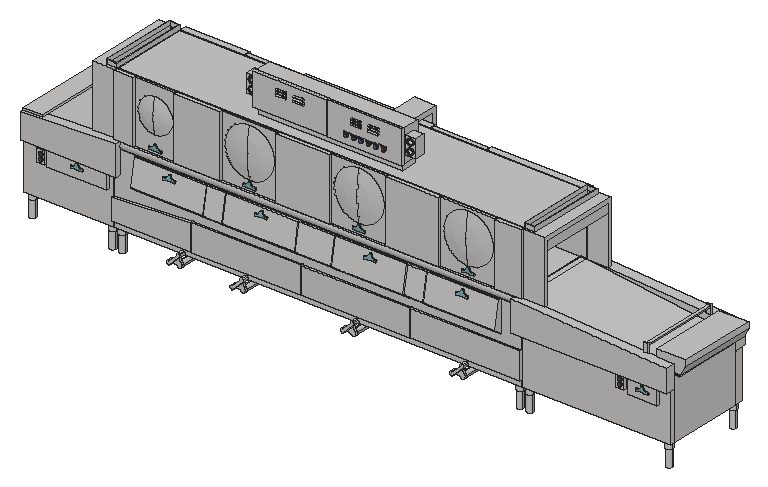
Revit family (continued)
Automatic sketch dimensions
  plane 16 to Extrusion 42 sketch curve = 0' - 0 5/8"
  Extrusion 43 sketch curve to plane 13 "Middle of Machine" = 0' - 0"
  plane 16 to Extrusion 43 sketch curve = 0' - 0 5/8"
  Extrusion 44 sketch curve to plane 11 "Table Height" = 0' - 0 1/8"
  Extrusion 45 sketch curve to plane 11 "Table Height" = 0' - 1 1/2"
  Extrusion 45 sketch curve to plane 11 "Table Height" = 0' - 0 1/8"
  Extrusion 46 sketch curve to plane 56 = 0' - 0"
  Extrusion 46 sketch curve to plane 11 "Table Height" = 0' - 2"
  Extrusion 47 sketch curve to plane 3 "LEFT" = 0' - 0"
  Extrusion 47 sketch curve to plane 55 = 0' - 0"
  Extrusion 47 sketch curve to plane 11 "Table Height" = 0' - 0"
  plane 16 to Extrusion 48 sketch curve = 0' - 0 5/8"
  plane 16 to Extrusion 48 sketch curve = 0' - 1.01335"
  Extrusion 48 sketch curve to Extrusion 48 sketch curve = 0' - 0.75088"
  Extrusion 48 sketch curve to plane 13 "Middle of Machine" = 0' - 0.73577"
  Extrusion 51 sketch curve to plane 57 = 0' - 0"
  Extrusion 51 sketch curve to plane 58 = 0' - 0"
  Extrusion 51 sketch curve to plane 59 = 0' - 0"
  Extrusion 51 sketch curve to plane 56 = 0' - 0"
  Extrusion 52 sketch curve to Extrusion 52 sketch curve = 0' - 0.25142"  (x2)
  Extrusion 52 sketch curve to Extrusion 52 sketch curve = 0' - 0.25483"  (x2)
  Extrusion 52 sketch curve to plane 56 = 0' - 0.46498"  (x2)
  Extrusion 52 sketch curve to Extrusion 52 sketch curve = 0' - 0.30345"
  plane 18 to Extrusion 52 sketch curve = 0' - 0.59419"  (x2)
  Extrusion 52 sketch curve to Extrusion 52 sketch curve = 0' - 1.63184"
  Extrusion 52 sketch curve to Extrusion 52 sketch curve = 0' - 1.52338"
  Extrusion 52 sketch curve to Extrusion 52 sketch curve = 0' - 0.41934"
  plane 20 to Extrusion 52 sketch curve = 0' - 1.60977"
  Extrusion 52 sketch curve to plane 101 "Cold Water" = 0' - 4.12535"
  Extrusion 52 sketch curve to Extrusion 52 sketch curve = 0' - 0.42496"
  Extrusion 52 sketch curve to Extrusion 52 sketch curve = 0' - 0"
  Extrusion 52 sketch curve to Extrusion 52 sketch curve = 0' - 1.51845"
  plane 18 to Extrusion 52 sketch curve = 0' - 0.51096"  (x2)
  Extrusion 52 sketch curve to Extrusion 52 sketch curve = 0' - 0.48493"
  Extrusion 53 sketch curve to plane 19 = 0' - 0"
  Extrusion 53 sketch curve to plane 56 = 0' - 0 3/4"
  plane 18 to Extrusion 54 sketch curve = 0' - 1 1/4"
  Extrusion 55 sketch curve to plane 18 = 0' - 0 3/4"
  Extrusion 56 sketch curve to plane 13 "Middle of Machine" = 0' - 0"
  plane 17 to Extrusion 56 sketch curve = 0' - 0 1/4"
  Extrusion 57 sketch curve to plane 13 "Middle of Machine" = 0' - 0"
  plane 17 to Extrusion 57 sketch curve = 0' - 0 1/4"
  plane 11 "Table Height" to Extrusion 58 sketch curve = 0' - 0 1/8"
  plane 11 "Table Height" to Extrusion 59 sketch curve = 0' - 1 1/2"
  plane 11 "Table Height" to Extrusion 59 sketch curve = 0' - 0 1/8"
  Extrusion 60 sketch curve to plane 4 "RIGHT" = 0' - 0"
  Extrusion 60 sketch curve to plane 11 "Table Height" = 0' - 0"
  Extrusion 63 sketch curve to plane 16 = 0' - 0"
  plane 64 to Extrusion 63 sketch curve = 0' - 0 1/2"
  plane 11 "Table Height" to Extrusion 63 sketch curve = 0' - 0 1/2"
  Extrusion 64 sketch curve to plane 16 = 0' - 0.1125"
  Extrusion 64 sketch curve to plane 16 = 0' - 0.0375"
  plane 13 "Middle of Machine" to Extrusion 64 sketch curve = 0' - 0 7/8"
  Extrusion 65 sketch curve to plane 16 = 0' - 0.1125"
  Extrusion 65 sketch curve to plane 16 = 0' - 0.0375"
  plane 13 "Middle of Machine" to Extrusion 65 sketch curve = 0' - 0 7/8"
  Extrusion 66 sketch curve to plane 67 = 0' - 0"
  plane 13 "Middle of Machine" to Extrusion 66 sketch curve = 0' - 0 1/8"
  Extrusion 68 sketch curve to Extrusion 68 sketch curve = 0' - 0.25142"  (x2)
  Extrusion 68 sketch curve to Extrusion 68 sketch curve = 0' - 0.25483"  (x2)
  Extrusion 68 sketch curve to plane 66 = 0' - 1.55729"
  plane 18 to Extrusion 68 sketch curve = 0' - 0.09419"  (x2)
  plane 67 to Extrusion 68 sketch curve = 0' - 1.11091"
  plane 67 to Extrusion 68 sketch curve = 0' - 0.91934"
  Extrusion 68 sketch curve to Extrusion 68 sketch curve = 0' - 0.41934"
  plane 67 to Extrusion 68 sketch curve = 0' - 0.49965"
  plane 67 to Extrusion 68 sketch curve = 0' - 0.07504"
  Extrusion 68 sketch curve to Extrusion 68 sketch curve = 0' - 0"
  Extrusion 68 sketch curve to plane 67 = 0' - 1.44342"
  plane 18 to Extrusion 68 sketch curve = 0' - 0.01096"  (x2)
  plane 20 to Extrusion 68 sketch curve = 0' - 1.10977"
  Extrusion 68 sketch curve to Extrusion 68 sketch curve = 0' - 0.48493"  (x2)
  Extrusion 68 sketch curve to plane 56 = 0' - 1.43719"
  Extrusion 70 sketch curve to plane 56 = 0' - 1 1/2"
  Extrusion 71 sketch curve to plane 18 = 0' - 0"
  plane 88 to Extrusion 98 sketch curve = 0' - 0"
  curve 112 to plane 118 = 0' - 0.65601"
  curve 112 to plane 102 "Utility to Machine" = 0' - 1.57591"
  plane 144 to curve 111 = 0' - 0.73765"
  curve 111 to plane 102 "Utility to Machine" = 0' - 2.79145"
  curve 111 to plane 118 = 0' - 0.65601"
  curve 112 to curve 111 = 0' - 2.43107"
  curve 110 to plane 111 = 0' - 1.01235"
  Extrusion 130 sketch curve to Extrusion 130 sketch curve = 0' - 0"  (x2)
  Extrusion 130 sketch curve to plane 96 "Drain" = 0' - 0"
  Extrusion 130 sketch curve to plane 99 "Drain CL" = 0' - 0"
  Sweep 133 sketch curve to plane 102 "Utility to Machine" = 0' - 0"
  Sweep 133 sketch curve to plane 100 "Utilities" = 0' - 0"
  Sweep 133 sketch curve to plane 103 "Utilities Point of Connection" = 0' - 0"
  Sweep 133 sketch curve to plane 12 "Bottom of Machine" = 0' - 0"
  plane 96 "Drain" to Sweep 133 sketch curve = 0' - 0 1/2"
  Sweep 133 sketch curve to Sweep 133 sketch curve = 0' - 0"  (x2)
  Sweep 133 sketch curve to plane 101 "Cold Water" = 0' - 0"
  profile plane to Sweep 133 sketch curve = 0' - 0"
  Sweep 134 sketch curve to plane 102 "Utility to Machine" = 0' - 0"
  Sweep 134 sketch curve to plane 100 "Utilities" = 0' - 0"
  Sweep 134 sketch curve to plane 103 "Utilities Point of Connection" = 0' - 0"
  Sweep 134 sketch curve to plane 12 "Bottom of Machine" = 0' - 0"
  plane 96 "Drain" to Sweep 134 sketch curve = 0' - 0 1/2"
  Sweep 134 sketch curve to Sweep 134 sketch curve = 0' - 0"  (x2)
  Sweep 134 sketch curve to plane 104 "Building Hot Water" = 0' - 0"
  profile plane to Sweep 134 sketch curve = 0' - 0"
  plane 5 "FRONT" to curve 39 = 0' - 0"
  plane 5 "FRONT" to curve 45 = 0' - 0"
  plane 5 "FRONT" to curve 37 = 0' - 0"
  plane 5 "FRONT" to curve 153 = 0' - 0"
  plane 5 "FRONT" to curve 47 = 0' - 0"
  plane 5 "FRONT" to curve 41 = 0' - 0"
  plane 5 "FRONT" to curve 155 = 0' - 0"
  curve 3 to plane 62 = 0' - 0"
  curve 7 to plane 51 = 0' - 0"
  curve 7 to plane 14 "Left of Bottom" = 0' - 0"
  curve 24 to plane 15 "Right of Bottom" = 0' - 0"
  curve 122 to plane 124 = 0' - 0"
  curve 138 to plane 135 = 0' - 0"
  curve 119 to plane 125 = 0' - 0"
  curve 71 to plane 107 = 0' - 0"
  curve 74 to plane 113 = 0' - 0"
  curve 77 to plane 112 = 0' - 0"
  curve 141 to plane 134 = 0' - 0"
  curve 11 to plane 54 = 0' - 0"
  plane 22 "Front of Main Body" to curve 114 = 0' - 0"
  curve 146 to plane 129 = 0' - 0"
  curve 81 to plane 109 = 0' - 0"
  curve 125 to plane 121 = 0' - 0"
  curve 82 to plane 110 = 0' - 0"
  curve 16 to plane 8 "Load Vent" = 0' - 0"
  curve 83 to plane 28 = 0' - 0"
  curve 85 to plane 29 = 0' - 0"
  curve 17 to plane 3 "LEFT" = 0' - 0"
  curve 124 to plane 118 = 0' - 0"
  curve 143 to plane 131 = 0' - 0"
  curve 143 to plane 128 = 0' - 0"
  curve 146 to plane 132 = 0' - 0"
  curve 128 to plane 119 = 0' - 0"
  curve 127 to plane 122 = 0' - 0"
  curve 50 to plane 26 = 0' - 0"
  curve 51 to plane 27 = 0' - 0"
  curve 26 to plane 9 "Unload Vent" = 0' - 0"
  curve 27 to plane 4 "RIGHT" = 0' - 0"
  plane 30 "Front of Inside" to curve 31 = 0' - 0"
  plane 30 "Front of Inside" to curve 98 = 0' - 0"
  plane 30 "Front of Inside" to curve 106 = 0' - 0"
  plane 30 "Front of Inside" to curve 108 = 0' - 0"
  plane 30 "Front of Inside" to curve 101 = 0' - 0"
  plane 30 "Front of Inside" to curve 19 = 0' - 0"
  curve 56 to plane 83 = 0' - 0"
  plane 89 "Front of Panel" to curve 56 = 0' - 0"
  plane 88 to curve 58 = 0' - 0"
  curve 64 to plane 85 = 0' - 0"
  plane 94 "Front of LR Panels" to curve 64 = 0' - 0"
  curve 67 to plane 86 = 0' - 0"
  plane 94 "Front of LR Panels" to curve 67 = 0' - 0"
  plane 95 to curve 64 = 0' - 0"
  plane 95 to curve 66 = 0' - 0"
  plane 87 "Back of Elec Box" to curve 61 = 0' - 0"
  plane 31 "Back of Inside" to curve 32 = 0' - 0"
  plane 31 "Back of Inside" to curve 19 = 0' - 0"
  plane 31 "Back of Inside" to curve 108 = 0' - 0"
  plane 31 "Back of Inside" to curve 105 = 0' - 0"
  plane 31 "Back of Inside" to curve 104 = 0' - 0"
  plane 31 "Back of Inside" to curve 13 = 0' - 0"
  curve 21 to plane 32 = 0' - 0"
  curve 159 to plane 143 = 0' - 0"
  curve 159 to plane 145 = 0' - 0"
  curve 23 to plane 33 = 0' - 0"
  plane 21 "Back of Main Body" to curve 28 = 0' - 0"
  plane 21 "Back of Main Body" to curve 23 = 0' - 0"
  curve 4 to plane 15 "Right of Bottom" = 0' - 0"
  curve 90 to plane 14 "Left of Bottom" = 0' - 0"
  plane 1 "BACK" to curve 162 = 0' - 0"
  curve 101 to plane 65 = 0' - 0"
  curve 106 to plane 64 = 0' - 0"
  curve 103 to plane 66 = 0' - 0"
  curve 30 to plane 49 = 0' - 0"
  curve 151 to plane 132 = 0' - 0"
  curve 149 to plane 131 = 0' - 0"
  curve 157 to plane 140 = 0' - 0"
  curve 152 to plane 141 = 0' - 0"
  curve 154 to plane 139 = 0' - 0"
  curve 56 to plane 84 = 0' - 0"
  curve 62 to plane 93 "Right of Control Box" = 0' - 0"
  curve 132 to plane 122 = 0' - 0"
  curve 130 to plane 121 = 0' - 0"
  curve 39 to plane 40 = 0' - 0"
  curve 41 to plane 37 = 0' - 0"
  curve 89 to plane 110 = 0' - 0"
  curve 87 to plane 109 = 0' - 0"
  curve 60 to plane 92 = 0' - 0"
  curve 43 to plane 36 = 0' - 0"
  curve 45 to plane 39 = 0' - 0"
  curve 45 to plane 38 = 0' - 0"
  curve 47 to plane 35 = 0' - 0"
  curve 79 to plane 27 = 0' - 0"
  curve 49 to plane 34 = 0' - 0"
  curve 19 to plane 48 = 0' - 0"
  curve 108 to plane 52 = 0' - 0"
  curve 3 to plane 5 "FRONT" = 0' - 1"
  curve 7 to plane 5 "FRONT" = 0' - 1"
  plane 22 "Front of Main Body" to curve 122 = 0' - 1 1/8"
  plane 135 to curve 138 = 0' - 0 3/8"
  curve 138 to curve 137 = 0' - 1 1/8"
  curve 119 to plane 125 = 0' - 0 3/8"
  curve 119 to curve 117 = 0' - 1 1/8"
  plane 107 to curve 69 = 0' - 0 3/8"
  curve 69 to curve 69 = 0' - 1 1/8"
  curve 72 to plane 74 = 0' - 0 1/16"
  curve 72 to curve 72 = 0' - 1 1/8"
  curve 75 to plane 112 = 0' - 0 3/8"
  curve 75 to curve 75 = 0' - 1 1/8"
  curve 139 to plane 134 = 0' - 0 3/8"
  curve 139 to curve 139 = 0' - 1 1/8"
  plane 22 "Front of Main Body" to curve 10 = 0' - 0 7/8"
  curve 38 to plane 22 "Front of Main Body" = 0' - 0.06488"
  curve 146 to plane 22 "Front of Main Body" = 0' - 0 3/4"
  curve 81 to plane 22 "Front of Main Body" = 0' - 0 3/4"
  curve 125 to plane 22 "Front of Main Body" = 0' - 0 3/4"
  curve 16 to plane 22 "Front of Main Body" = 0' - 0 3/4"
  curve 50 to plane 22 "Front of Main Body" = 0' - 0 3/4"
  curve 26 to plane 22 "Front of Main Body" = 0' - 0 3/4"
  curve 92 to curve 91 = 0' - 0 1/2"
  curve 95 to plane 31 "Back of Inside" = 0' - 0 1/2"
  curve 15 to plane 31 "Back of Inside" = 0' - 1"
  curve 33 to plane 31 "Back of Inside" = 0' - 1"
  curve 21 to curve 21 = 0' - 1"
  curve 159 to curve 160 = 0' - 1"
  plane 21 "Back of Main Body" to curve 11 = 0' - 0 3/8"
  curve 113 to curve 3 = 0' - 1 1/2"
  curve 2 to curve 6 = 0' - 1 1/2"
  plane 67 to curve 95 = 0' - 0 3/4"
  plane 67 to curve 92 = 0' - 0 3/4"
  curve 93 to curve 94 = 0' - 0 1/4"
  curve 98 to plane 67 = 0' - 0 1/2"
  curve 98 to curve 91 = 0' - 0 1/4"
  curve 98 to curve 96 = 0' - 0 1/4"
  plane 124 to curve 121 = 0' - 0 3/8"
  plane 122 to curve 162 = 0' - 0 7/16"
  plane 136 to curve 2 = 0' - 0 1/8"
  Extrusion 182 sketch curve to plane 22 "Front of Main Body" = 0' - 0 3/4"
  Extrusion 183 sketch curve to plane 22 "Front of Main Body" = 0' - 0 3/4"
  Extrusion 184 sketch curve to plane 22 "Front of Main Body" = 0' - 0 3/4"
  Extrusion 185 sketch curve to plane 28 = 0' - 0"
  plane 22 "Front of Main Body" to Extrusion 185 sketch curve = 0' - 0 1/4"
  Extrusion 186 sketch curve to plane 28 = 0' - 0"
  plane 22 "Front of Main Body" to Extrusion 186 sketch curve = 0' - 0 1/4"
  Sweep 187 sketch curve to plane 22 "Front of Main Body" = 0' - 0"  (x2)
  plane 22 "Front of Main Body" to Sweep 187 sketch curve = 0' - 0 5/8"  (x2)
  Sweep 187 sketch curve to Sweep 187 sketch curve = 0' - 0 1/2"
  plane 13 "Middle of Machine" to Sweep 187 sketch curve = 0' - 7 3/16"
  Sweep 187 sketch curve to plane 45 = 0' - 3 11/16"
  Sweep 187 sketch curve to plane 113 = 0' - 0"
  Sweep 187 sketch curve to profile plane = 0' - 0"
  Extrusion 188 sketch curve to plane 29 = 0' - 0"
  plane 22 "Front of Main Body" to Extrusion 188 sketch curve = 0' - 0 1/4"
  Extrusion 189 sketch curve to plane 29 = 0' - 0"
  plane 22 "Front of Main Body" to Extrusion 189 sketch curve = 0' - 0 1/4"
  Extrusion 190 sketch curve to plane 26 = 0' - 0"
  plane 22 "Front of Main Body" to Extrusion 190 sketch curve = 0' - 0 1/4"
  Extrusion 191 sketch curve to plane 26 = 0' - 0"
  plane 22 "Front of Main Body" to Extrusion 191 sketch curve = 0' - 0 1/4"
  Sweep 192 sketch curve to plane 22 "Front of Main Body" = 0' - 0"  (x2)
  plane 22 "Front of Main Body" to Sweep 192 sketch curve = 0' - 0 5/8"  (x2)
  Sweep 192 sketch curve to Sweep 192 sketch curve = 0' - 0 1/2"
  plane 13 "Middle of Machine" to Sweep 192 sketch curve = 0' - 7 3/16"
  Sweep 192 sketch curve to plane 45 = 0' - 3 11/16"
  Sweep 192 sketch curve to plane 107 = 0' - 0"
  Sweep 192 sketch curve to profile plane = 0' - 0"
  Sweep 193 sketch curve to plane 22 "Front of Main Body" = 0' - 0"  (x2)
  plane 22 "Front of Main Body" to Sweep 193 sketch curve = 0' - 0 5/8"  (x2)
  Sweep 193 sketch curve to Sweep 193 sketch curve = 0' - 0 1/2"
  plane 13 "Middle of Machine" to Sweep 193 sketch curve = 0' - 7 3/16"
  Sweep 193 sketch curve to plane 45 = 0' - 3 11/16"
  Sweep 193 sketch curve to plane 112 = 0' - 0"
  Sweep 193 sketch curve to profile plane = 0' - 0"
  Extrusion 194 sketch curve to plane 22 "Front of Main Body" = 0' - 0 3/4"
  Extrusion 195 sketch curve to plane 22 "Front of Main Body" = 0' - 0 3/4"
  Sweep 196 sketch curve to plane 102 "Utility to Machine" = 0' - 0"
  Sweep 196 sketch curve to plane 100 "Utilities" = 0' - 0"
  Sweep 196 sketch curve to plane 103 "Utilities Point of Connection" = 0' - 0"
  Sweep 196 sketch curve to plane 12 "Bottom of Machine" = 0' - 0"
  plane 96 "Drain" to Sweep 196 sketch curve = 0' - 0 1/2"
  plane 30 "Front of Inside" to Extrusion 197 sketch curve = 0' - 0"
  Extrusion 197 sketch curve to plane 22 "Front of Main Body" = 0' - 0 3/4"
  plane 5 "FRONT" to Revolve 198 sketch curve = 0' - 8"
  plane 22 "Front of Main Body" to Revolve 198 sketch curve = 0' - 0 1/4"
  Revolve 198 sketch curve to plane 22 "Front of Main Body" = 0' - 0 3/4"
  plane 95 to Revolve 198 sketch curve = 0' - 1 1/4"
  Revolve 198 sketch curve to plane 1 "BACK" = 0' - 8.74935"
  Revolve 198 sketch curve to plane 45 = 0' - 5.75174"  (x2)
  Revolve 198 sketch curve to plane 45 = 0' - 5.50167"
  Extrusion 199 sketch curve to plane 116 = 0' - 0"
  plane 116 to Extrusion 199 sketch curve = 0' - 0.00035"
  plane 122 to Extrusion 199 sketch curve = 0' - 0.35719"
  plane 122 to Extrusion 199 sketch curve = 0' - 0.54876"
  plane 124 to Extrusion 199 sketch curve = 0' - 0.50556"
  Extrusion 199 sketch curve to plane 145 = 0' - 0.5069"
  Extrusion 199 sketch curve to plane 145 = 0' - 0.50349"
  Extrusion 199 sketch curve to Extrusion 199 sketch curve = 0' - 0.25142"  (x2)
  Extrusion 199 sketch curve to plane 121 = 0' - 0.36211"
  Extrusion 199 sketch curve to Extrusion 199 sketch curve = 0' - 0"
  Extrusion 199 sketch curve to plane 121 = 0' - 0.54876"
  Extrusion 199 sketch curve to plane 125 = 0' - 0.50556"
  Extrusion 199 sketch curve to plane 125 = 0' - 0.8056"
  Extrusion 199 sketch curve to Extrusion 199 sketch curve = 0' - 0.00341"
  plane 55 to Extrusion 199 sketch curve = 0' - 1.17016"
  plane 13 "Middle of Machine" to Extrusion 199 sketch curve = 0' - 0.94635"  (x2)
  plane 13 "Middle of Machine" to Extrusion 199 sketch curve = 0' - 1.02958"
  Extrusion 199 sketch curve to Extrusion 199 sketch curve = 0' - 0.48493"  (x2)
  Extrusion 199 sketch curve to Extrusion 199 sketch curve = 0' - 1.96861"
  plane 22 "Front of Main Body" to Extrusion 200 sketch curve = 0' - 0"
  Extrusion 200 sketch curve to plane 22 "Front of Main Body" = 0' - 0 3/4"
  plane 22 "Front of Main Body" to Extrusion 201 sketch curve = 0' - 0"
  Extrusion 201 sketch curve to plane 22 "Front of Main Body" = 0' - 0 3/4"
  Extrusion 202 sketch curve to plane 118 = 0' - 0"
  plane 22 "Front of Main Body" to Extrusion 202 sketch curve = 0' - 0 1/4"
  Extrusion 203 sketch curve to plane 118 = 0' - 0"
  plane 22 "Front of Main Body" to Extrusion 203 sketch curve = 0' - 0 1/4"
  Extrusion 204 sketch curve to plane 119 = 0' - 0"
  plane 22 "Front of Main Body" to Extrusion 204 sketch curve = 0' - 0 1/4"
  Extrusion 205 sketch curve to plane 119 = 0' - 0"
  plane 22 "Front of Main Body" to Extrusion 205 sketch curve = 0' - 0 1/4"
  Sweep 206 sketch curve to plane 22 "Front of Main Body" = 0' - 0"  (x2)
  plane 22 "Front of Main Body" to Sweep 206 sketch curve = 0' - 0 5/8"  (x2)
  Sweep 206 sketch curve to Sweep 206 sketch curve = 0' - 0 1/2"
  plane 13 "Middle of Machine" to Sweep 206 sketch curve = 0' - 7 3/16"
  Sweep 206 sketch curve to plane 45 = 0' - 3 11/16"
  Sweep 206 sketch curve to plane 125 = 0' - 0"
  Sweep 206 sketch curve to profile plane = 0' - 0"
  Sweep 207 sketch curve to plane 22 "Front of Main Body" = 0' - 0"  (x2)
  plane 22 "Front of Main Body" to Sweep 207 sketch curve = 0' - 0 5/8"  (x2)
  Sweep 207 sketch curve to Sweep 207 sketch curve = 0' - 0 1/2"
  plane 13 "Middle of Machine" to Sweep 207 sketch curve = 0' - 7 3/16"
  Sweep 207 sketch curve to plane 45 = 0' - 3 11/16"
  Sweep 207 sketch curve to plane 124 = 0' - 0"
  Sweep 207 sketch curve to profile plane = 0' - 0"
  plane 22 "Front of Main Body" to Extrusion 208 sketch curve = 0' - 0"
  Extrusion 208 sketch curve to plane 22 "Front of Main Body" = 0' - 0 3/4"
  Extrusion 209 sketch curve to plane 20 = 0' - 0"
  Extrusion 209 sketch curve to plane 19 = 0' - 0"
  plane 30 "Front of Inside" to Extrusion 210 sketch curve = 0' - 0"
  Extrusion 210 sketch curve to plane 22 "Front of Main Body" = 0' - 0 3/4"
  plane 5 "FRONT" to Revolve 211 sketch curve = 0' - 8"
  plane 22 "Front of Main Body" to Revolve 211 sketch curve = 0' - 0 1/4"
  Revolve 211 sketch curve to plane 22 "Front of Main Body" = 0' - 0 3/4"
  plane 95 to Revolve 211 sketch curve = 0' - 1 1/4"
  Revolve 211 sketch curve to plane 1 "BACK" = 0' - 8.74935"
  Revolve 211 sketch curve to plane 45 = 0' - 5.75174"  (x2)
  Revolve 211 sketch curve to plane 45 = 0' - 5.50167"
  plane 117 to Extrusion 212 sketch curve = 0' - 0"
  Extrusion 212 sketch curve to plane 117 = 0' - 0.00035"
  plane 132 to Extrusion 212 sketch curve = 0' - 0.35719"
  plane 132 to Extrusion 212 sketch curve = 0' - 0.54876"
  plane 134 to Extrusion 212 sketch curve = 0' - 0.50556"
  plane 134 to Extrusion 212 sketch curve = 0' - 0.8056"
  Extrusion 212 sketch curve to Extrusion 212 sketch curve = 0' - 0.00341"  (x2)
  Extrusion 212 sketch curve to Extrusion 212 sketch curve = 0' - 0.25142"  (x2)
  Extrusion 212 sketch curve to plane 131 = 0' - 0.36211"
  Extrusion 212 sketch curve to Extrusion 212 sketch curve = 0' - 0"
  Extrusion 212 sketch curve to plane 131 = 0' - 0.54876"
  Extrusion 212 sketch curve to plane 135 = 0' - 0.50556"
  Extrusion 212 sketch curve to plane 135 = 0' - 0.8056"
  plane 55 to Extrusion 212 sketch curve = 0' - 1.17016"
  plane 13 "Middle of Machine" to Extrusion 212 sketch curve = 0' - 0.94635"  (x2)
  plane 13 "Middle of Machine" to Extrusion 212 sketch curve = 0' - 1.02958"
  Extrusion 212 sketch curve to Extrusion 212 sketch curve = 0' - 0.48493"  (x2)
  Extrusion 212 sketch curve to Extrusion 212 sketch curve = 0' - 1.96861"
  plane 22 "Front of Main Body" to Extrusion 213 sketch curve = 0' - 0"
  Extrusion 213 sketch curve to plane 22 "Front of Main Body" = 0' - 0 3/4"
  plane 22 "Front of Main Body" to Extrusion 214 sketch curve = 0' - 0"
  Extrusion 214 sketch curve to plane 22 "Front of Main Body" = 0' - 0 3/4"
  Extrusion 215 sketch curve to plane 128 = 0' - 0"
  plane 22 "Front of Main Body" to Extrusion 215 sketch curve = 0' - 0 1/4"
  Extrusion 216 sketch curve to plane 128 = 0' - 0"
  plane 22 "Front of Main Body" to Extrusion 216 sketch curve = 0' - 0 1/4"
  Extrusion 217 sketch curve to plane 129 = 0' - 0"
  plane 22 "Front of Main Body" to Extrusion 217 sketch curve = 0' - 0 1/4"
  Extrusion 218 sketch curve to plane 129 = 0' - 0"
  plane 22 "Front of Main Body" to Extrusion 218 sketch curve = 0' - 0 1/4"
  Sweep 219 sketch curve to plane 22 "Front of Main Body" = 0' - 0"  (x2)
  plane 22 "Front of Main Body" to Sweep 219 sketch curve = 0' - 0 5/8"  (x2)
  Sweep 219 sketch curve to Sweep 219 sketch curve = 0' - 0 1/2"
  plane 13 "Middle of Machine" to Sweep 219 sketch curve = 0' - 7 3/16"
  Sweep 219 sketch curve to plane 45 = 0' - 3 11/16"
  Sweep 219 sketch curve to plane 135 = 0' - 0"
  Sweep 219 sketch curve to profile plane = 0' - 0"
  Sweep 220 sketch curve to plane 22 "Front of Main Body" = 0' - 0"  (x2)
  plane 22 "Front of Main Body" to Sweep 220 sketch curve = 0' - 0 5/8"  (x2)
  Sweep 220 sketch curve to Sweep 220 sketch curve = 0' - 0 1/2"
  plane 13 "Middle of Machine" to Sweep 220 sketch curve = 0' - 7 3/16"
  Sweep 220 sketch curve to plane 45 = 0' - 3 11/16"
  Sweep 220 sketch curve to plane 134 = 0' - 0"
  Sweep 220 sketch curve to profile plane = 0' - 0"
  plane 22 "Front of Main Body" to Extrusion 221 sketch curve = 0' - 0"
  Extrusion 221 sketch curve to plane 22 "Front of Main Body" = 0' - 0 3/4"
  plane 22 "Front of Main Body" to Extrusion 222 sketch curve = 0' - 0"
  plane 30 "Front of Inside" to Extrusion 222 sketch curve = 0' - 0"
  plane 31 "Back of Inside" to Extrusion 233 sketch curve = 0' - 0"
  plane 21 "Back of Main Body" to Extrusion 233 sketch curve = 0' - 1"
  Revolve 234 sketch curve to plane 21 "Back of Main Body" = 0' - 0"
  Revolve 234 sketch curve to plane 1 "BACK" = 0' - 7 3/4"
  Revolve 234 sketch curve to Revolve 234 sketch curve = 0' - 1"
  Revolve 234 sketch curve to plane 102 "Utility to Machine" = 0' - 4"
  plane 5 "FRONT" to Revolve 234 sketch curve = 0' - 8.99935"
  Revolve 234 sketch curve to plane 10 "Top of Machine" = 0' - 1.00174"
  Revolve 234 sketch curve to Revolve 234 sketch curve = 0' - 9.74993"
  Revolve 234 sketch curve to plane 45 = 0' - 5.75174"
  Extrusion 235 sketch curve to plane 84 = 0' - 0"
  plane 84 to Extrusion 235 sketch curve = 0' - 0.41969"
  plane 84 to Extrusion 235 sketch curve = 0' - 0.61126"
  Extrusion 235 sketch curve to Extrusion 235 sketch curve = 0' - 1.52338"
  Extrusion 235 sketch curve to Extrusion 235 sketch curve = 0' - 1.63184"
  Extrusion 235 sketch curve to Extrusion 235 sketch curve = 0' - 0.00341"
  Extrusion 235 sketch curve to Extrusion 235 sketch curve = 0' - 0.25142"  (x2)
  Extrusion 235 sketch curve to plane 93 "Right of Control Box" = 0' - 0.17461"
  Extrusion 235 sketch curve to Extrusion 235 sketch curve = 0' - 0"
  Extrusion 235 sketch curve to plane 93 "Right of Control Box" = 0' - 0.36126"
  plane 119 to Extrusion 235 sketch curve = 0' - 0.80694"
  plane 119 to Extrusion 235 sketch curve = 0' - 0.5069"
  plane 119 to Extrusion 235 sketch curve = 0' - 0.50349"
  plane 13 "Middle of Machine" to Extrusion 235 sketch curve = 0' - 3.47041"  (x2)
  Extrusion 235 sketch curve to Extrusion 235 sketch curve = 0' - 0.34808"
  Extrusion 235 sketch curve to Extrusion 235 sketch curve = 0' - 0.48493"  (x2)
  plane 13 "Middle of Machine" to Extrusion 235 sketch curve = 0' - 1.02958"
  plane 55 to Extrusion 235 sketch curve = 0' - 1.17016"
  plane 31 "Back of Inside" to Extrusion 236 sketch curve = 0' - 0"
  plane 21 "Back of Main Body" to Extrusion 236 sketch curve = 0' - 0"
  Extrusion 236 sketch curve to plane 145 = 0' - 0"
  Extrusion 236 sketch curve to plane 33 = 0' - 0"
  Extrusion 237 sketch curve to plane 76 = 0' - 0"
  Extrusion 237 sketch curve to plane 87 "Back of Elec Box" = 0' - 0"
  Extrusion 237 sketch curve to plane 21 "Back of Main Body" = 0' - 0"
  Extrusion 237 sketch curve to plane 1 "BACK" = 0' - 0"
  Extrusion 237 sketch curve to plane 21 "Back of Main Body" = 0' - 1 1/4"
  Extrusion 237 sketch curve to plane 57 = 0' - 3 3/4"
  Extrusion 237 sketch curve to Extrusion 237 sketch curve = 0' - 1 3/4"
  Extrusion 237 sketch curve to plane 77 = 0' - 1 1/8"
  Sweep 238 sketch curve to plane 102 "Utility to Machine" = 0' - 0"
  Sweep 238 sketch curve to plane 100 "Utilities" = 0' - 0"
  Sweep 238 sketch curve to plane 103 "Utilities Point of Connection" = 0' - 0"
  Sweep 238 sketch curve to plane 12 "Bottom of Machine" = 0' - 0"
  plane 96 "Drain" to Sweep 238 sketch curve = 0' - 0 1/2"
  Sweep 238 sketch curve to Sweep 238 sketch curve = 0' - 0"  (x2)
  Sweep 238 sketch curve to plane 147 = 0' - 0"
  profile plane to Sweep 238 sketch curve = 0' - 0"
  plane 31 "Back of Inside" to curve 103 = 0' - 0"
  Sweep 196 sketch curve to plane 115 = 0' - 0"
  profile plane to Sweep 196 sketch curve = 0' - 0"
  Sweep 196 sketch curve to Sweep 196 sketch curve = 0' - 0"  (x2)
  radius of Extrusion 102 sketch curve = 0' - 1 1/4"
  radius of Extrusion 102 sketch curve = 0' - 1"
  radius of Extrusion 105 sketch curve = 0' - 0 5/8"
  radius of Extrusion 106 sketch curve = 0' - 0 5/8"
  radius of Extrusion 107 sketch curve = 0' - 0 5/8"
  radius of Extrusion 108 sketch curve = 0' - 0 5/8"
  radius of Extrusion 110 sketch curve = 0' - 1 1/4"
  radius of Extrusion 110 sketch curve = 0' - 1"
  radius of Extrusion 112 sketch curve = 0' - 1 1/4"
  radius of Extrusion 112 sketch curve = 0' - 1"
  radius of Extrusion 114 sketch curve = 0' - 1 1/4"
  radius of Extrusion 114 sketch curve = 0' - 1"
  radius of Extrusion 116 sketch curve = 0' - 0 5/8"
  radius of Extrusion 117 sketch curve = 0' - 0 5/8"
  radius of Extrusion 136 sketch curve = 0' - 1"
  radius of Extrusion 136 sketch curve = 0' - 1 1/8"
  radius of Extrusion 137 sketch curve = 0' - 1"
  radius of Extrusion 137 sketch curve = 0' - 1 1/8"
  radius of Extrusion 141 sketch curve = 0' - 1"
  radius of Extrusion 141 sketch curve = 0' - 1 1/8"
  radius of Extrusion 145 sketch curve = 0' - 1 1/4"
  radius of Extrusion 145 sketch curve = 0' - 1"
  radius of Extrusion 148 sketch curve = 0' - 0 5/8"
  radius of Extrusion 149 sketch curve = 0' - 0 5/8"
  radius of Extrusion 150 sketch curve = 0' - 0 5/8"
  radius of Extrusion 151 sketch curve = 0' - 0 5/8"
  radius of Extrusion 153 sketch curve = 0' - 1 1/4"
  radius of Extrusion 153 sketch curve = 0' - 1"
  radius of Extrusion 155 sketch curve = 0' - 1 1/4"
  radius of Extrusion 155 sketch curve = 0' - 1"
  radius of Extrusion 157 sketch curve = 0' - 1 1/4"
  radius of Extrusion 157 sketch curve = 0' - 1"
  radius of Extrusion 159 sketch curve = 0' - 0 5/8"
  radius of Extrusion 160 sketch curve = 0' - 0 5/8"
  radius of Extrusion 173 sketch curve = 0' - 1"
  radius of Extrusion 173 sketch curve = 0' - 1 1/8"
  radius of Extrusion 174 sketch curve = 0' - 1"
  radius of Extrusion 174 sketch curve = 0' - 1 1/8"
  radius of Extrusion 178 sketch curve = 0' - 1"
  radius of Extrusion 178 sketch curve = 0' - 1 1/8"
  radius of Extrusion 227 sketch curve = 0' - 1"
  radius of Extrusion 227 sketch curve = 0' - 1 1/8"
  radius of Extrusion 54 sketch curve = 0' - 0 3/4"
  radius of Extrusion 55 sketch curve = 0' - 0 3/4"
  radius of Extrusion 66 sketch curve = 0' - 0 1/2"
  radius of Extrusion 70 sketch curve = 0' - 0 3/4"
  radius of Extrusion 71 sketch curve = 0' - 0 3/4"
  radius of Extrusion 72 sketch curve = 0' - 1 3/16"
  radius of Extrusion 73 sketch curve = 0' - 1 7/16"
  radius of Extrusion 74 sketch curve = 0' - 1 3/16"
  radius of Extrusion 75 sketch curve = 0' - 1 7/16"
  radius of Extrusion 76 sketch curve = 0' - 1 3/16"
  radius of Extrusion 77 sketch curve = 0' - 1 7/16"
  radius of Extrusion 78 sketch curve = 0' - 1 3/16"
  radius of Extrusion 79 sketch curve = 0' - 1 7/16"
  radius of Extrusion 80 sketch curve = 0' - 1 3/16"
  radius of Extrusion 81 sketch curve = 0' - 1 7/16"
  radius of Extrusion 82 sketch curve = 0' - 1 3/16"
  radius of Extrusion 83 sketch curve = 0' - 1 7/16"
  radius of Extrusion 84 sketch curve = 0' - 1 3/16"
  radius of Extrusion 85 sketch curve = 0' - 1 7/16"
  radius of Extrusion 86 sketch curve = 0' - 1 3/16"
  radius of Extrusion 87 sketch curve = 0' - 1 7/16"
  radius of Extrusion 88 sketch curve = 0' - 1 3/16"
  radius of Extrusion 89 sketch curve = 0' - 1 7/16"
  radius of Extrusion 90 sketch curve = 0' - 1 3/16"
  radius of Extrusion 91 sketch curve = 0' - 1 7/16"
  radius of Extrusion 92 sketch curve = 0' - 1 3/16"
  radius of Extrusion 93 sketch curve = 0' - 1 7/16"
  radius of Extrusion 94 sketch curve = 0' - 1 3/16"
  radius of Extrusion 95 sketch curve = 0' - 1 7/16"
  radius of Extrusion 130 sketch curve = 0' - 1"
  radius of Extrusion 130 sketch curve = 0' - 1 1/8"
  radius of Sweep 133 sketch curve = 0' - 0 3/8"
  radius of Sweep 133 sketch curve = 0' - 0 1/2"
  radius of Sweep 134 sketch curve = 0' - 0 1/2"
  radius of Sweep 134 sketch curve = 0' - 0 5/8"
  radius of Extrusion 135 sketch curve = 0' - 0 1/2"
  radius of Extrusion 185 sketch curve = 0' - 0 1/4"
  radius of Extrusion 186 sketch curve = 0' - 0 1/4"
  radius of Sweep 187 sketch curve = 0' - 0 3/8"
  radius of Extrusion 188 sketch curve = 0' - 0 1/4"
  radius of Extrusion 189 sketch curve = 0' - 0 1/4"
  radius of Extrusion 190 sketch curve = 0' - 0 1/4"
  radius of Extrusion 191 sketch curve = 0' - 0 1/4"
  radius of Sweep 192 sketch curve = 0' - 0 3/8"
  radius of Sweep 193 sketch curve = 0' - 0 3/8"
  radius of Sweep 196 sketch curve = 0' - 1"
  radius of Extrusion 202 sketch curve = 0' - 0 1/4"
  radius of Extrusion 203 sketch curve = 0' - 0 1/4"
  radius of Extrusion 204 sketch curve = 0' - 0 1/4"
  radius of Extrusion 205 sketch curve = 0' - 0 1/4"
  radius of Sweep 206 sketch curve = 0' - 0 3/8"
  radius of Sweep 207 sketch curve = 0' - 0 3/8"
  radius of Extrusion 215 sketch curve = 0' - 0 1/4"
  radius of Extrusion 216 sketch curve = 0' - 0 1/4"
  radius of Extrusion 217 sketch curve = 0' - 0 1/4"
  radius of Extrusion 218 sketch curve = 0' - 0 1/4"
  radius of Sweep 219 sketch curve = 0' - 0 3/8"
  radius of Sweep 220 sketch curve = 0' - 0 3/8"
  radius of Sweep 238 sketch curve = 0' - 0 3/8"
  radius of Sweep 238 sketch curve = 0' - 0 1/2"
  radius of Sweep 196 sketch curve = 0' - 1 1/8"
Nested families (in)
  nested 1: "QF_Stero_STPCW-ER_164_S_EX" at (142.84638, -6, 0), Ventilation Remarks <- "Unload Ventilation Remarks", Exhaust Volume <- "Unload Exhaust Volume", Exhaust Vent Width <- "Unload Exhaust Vent Width", Exhaust Vent Depth <- "Unload Exhaust Vent Depth", Exhaust Static Press <- "Unload Exhaust Static Press", Exhaust RI Height <- "Unload Exhaust RI Height", Item Number <- "Unload Exhaust Item Number", type "Nested"
    with Ventilation Remarks "", Item Number "-", Exhaust Volume 1000 CFM, Exhaust Vent Width 0' - 4", Exhaust Vent Depth 2' - 7 1/4", Exhaust Static Press 0.00 in-wg, Exhaust RI Height 0' - 0"
  nested 2: "QF_Stero_STPCW-ER_164_S_HW2" at (172.72138, -16.75, 0), visible <- "No Booster Heater", Plumbing Remarks <- "Boosted Plumbing Remarks", Hot Water Temperature <- "Boosted Hot Water Temperature", Hot Water Size <- "Boosted Hot Water Size", Hot Water RI Height <- "Boosted Hot Water RI Height", Hot Water Minimum Pressure <- "Boosted Hot Water Minimum Pressure", Hot Water Maximum Pressure <- "Boosted Hot Water Maximum Pressure", Hot Water Flow <- "Boosted Hot Water Flow", Hot Water Consumption <- "Boosted Hot Water Consumption", Hot Water Connection Height <- "Boosted Hot Water Connection Height", Item Number <- "Boosted HW Item Number", type "Nested"
    with Plumbing Remarks "", Item Number "-", Hot Water Temperature 180 °F, Hot Water Size Radius 3/8", Hot Water Size 3/4", Hot Water RI Height 0' - 0", Hot Water Minimum Pressure 20.00 psi, Hot Water Maximum Pressure 20.00 psi, Hot Water Flow 0.00 GPM, Hot Water Consumption 1.63 GPM, Hot Water Connection Height 0' - 6"
Connectors (in)
  hvac at (-23.40362, -21.625, 67.25), driven by "Exhaust Volume", driven by "Exhaust Vent Depth", driven by "Exhaust Vent Width"
    settings: on cut or joined group of Extrusion 26, Extrusion 28, index 1, duct flow 500 CFM, flow factor 0, pres drop 0.00 in-wg, loss coef 0, conn angle 0.00°, conn width 4", conn height 31 1/4", conn radius 12", duct sys type 3, conn prof type 1, flow config 1, flow direction 2, loss method 0, conn ref index -1, conn util no, is conn primary yes, conn desc "Load End Exhaust"
  hvac at (144.84638, -21.625, 67.25), driven by "Unload Exhaust Volume", driven by "Unload Exhaust Vent Depth", driven by "Unload Exhaust Vent Width"
    settings: on cut or joined group of Extrusion 30, Extrusion 32, index 2, duct flow 1000 CFM, flow factor 0, pres drop 0.00 in-wg, loss coef 0, conn angle 0.00°, conn width 4", conn height 31 1/4", conn radius 12", duct sys type 3, conn prof type 1, flow config 1, flow direction 2, loss method 0, conn ref index -1, conn util no, is conn primary no, conn desc "Unload End Exhaust"
  piping at (-39.90362, -20.25, 7), driven by "Indirect Waste Flow"
    settings: on Extrusion 130, index 3, connector radius 1", flow factor 0, pipe flow 0.00 GPM, pressure drop 0.00 psi, fitting loss kfactor 0, connector angle 0.00°, fixture units 0, flow configuration 1, flow direction 2, fitting loss method 0, system type 16, connector reference index -1, connector utility 0, adjustable connector no, is connector primary yes, fitting loss table "", connector description "Load End Indirect Waste"
  piping at (195.72138, -20.25, 7), driven by "Indirect Waste Flow"
    settings: on Extrusion 130, index 4, connector radius 1", flow factor 0, pipe flow 0.00 GPM, pressure drop 0.00 psi, fitting loss kfactor 0, connector angle 0.00°, fixture units 0, flow configuration 1, flow direction 2, fitting loss method 0, system type 16, connector reference index -1, connector utility 0, adjustable connector no, is connector primary no, fitting loss table "", connector description "Unload End Indirect Waste"
  piping at (178.72138, -8.5, 6), driven by "Hot Water Flow"
    settings: on Sweep 134, index 5, connector radius 1/2", flow factor 0, pipe flow 0.00 GPM, pressure drop 0.00 psi, fitting loss kfactor 0, connector angle 0.00°, fixture units 0, flow configuration 1, flow direction 1, fitting loss method 0, system type 19, connector reference index -1, connector utility 0, adjustable connector no, is connector primary no, fitting loss table "", connector description "Building Hot Water"
  piping at (-31.27862, -8.5, 6), driven by "Cold Water Flow"
    settings: on Sweep 133, index 6, connector radius 3/8", flow factor 0, pipe flow 0.00 GPM, pressure drop 0.00 psi, fitting loss kfactor 0, connector angle 0.00°, fixture units 0, flow configuration 1, flow direction 1, fitting loss method 0, system type 20, connector reference index -1, connector utility 0, adjustable connector no, is connector primary no, fitting loss table "", connector description "Cold Water"
  electrical at (32.72138, -26, 78.5), driven by "Number of Poles", driven by "Volts", driven by "Apparent Power"
    settings: on cut or joined group of Extrusion 97, Extrusion 135, index 7, voltage 208 V, apparent load 15509.1 VA, apparent load phase1 0 VA, apparent load phase2 0 VA, apparent load phase3 0 VA, power factor 1, load classification "Other", number of poles 3, system type 30, power factor state 1, is connector primary yes, connector utility no, sub classification motor no, connector description "Feeder 1 Electric"
  piping at (166.72138, -8.5, 6), driven by "Steam Supply Volume"
    settings: on Sweep 196, index 8, connector radius 1", flow factor 0, pipe flow 0.00 GPM, pressure drop 0.00 psi, fitting loss kfactor 0, connector angle 0.00°, fixture units 0, flow configuration 1, flow direction 1, fitting loss method 0, system type 7, connector reference index -1, connector utility 0, adjustable connector no, is connector primary no, fitting loss table "", connector description "Steam Supply"
  piping at (172.72138, -8.5, 6)
    settings: on Sweep 238, index 9, connector radius 3/8", flow factor 0, pipe flow 0.00 GPM, pressure drop 0.00 psi, fitting loss kfactor 0, connector angle 0.00°, fixture units 0, flow configuration 1, flow direction 2, fitting loss method 0, system type 8, connector reference index -1, connector utility 0, adjustable connector no, is connector primary no, fitting loss table "", connector description "Condensate Return"
Definition of nested family "QF_Stero_STPCW-ER_164_S_EX"
  Parameters (values of type "Nested")
    Ventilation Remarks [instance] = ""
    Item Number [instance] = "-"
    Exhaust Volume [instance] = 0 CFM
    Exhaust Vent Width [instance] = 1' - 4"
    Exhaust Vent Depth [instance] = 0' - 4"
    Exhaust Static Press [instance] = 0.00 in-wg
    Exhaust RI Height [instance] = 0' - 0"
    Description = ""
    Assembly Code = ""
  Reference planes (in)
    plane 1 "Center (Back)": y = 0
    plane 2: z = 0
    plane 3 "Center (Left)": x = 0
    plane 4: x = 16
    plane 5: y = -4
  Lines and regions (in)
    symbolic lines, style "QF_Multiple Utilities"
      curve 1: line (0, 0, 0) -> (16, 0, 0)
      curve 2: line (0, -4, 0) -> (0, 0, 0)
      curve 3: line (16, -4, 0) -> (0, -4, 0)
      curve 4: line (16, 0, 0) -> (16, -4, 0)
      curve 5: line (16, 0, 0) -> (0, -4, 0)
      curve 6: line (0, 0, 0) -> (16, -4, 0)
  Dimensions and locks (in)
    "Exhaust Vent Width": plane 3 "Center (Left)" to plane 4
    "Exhaust Vent Depth": plane 1 "Center (Back)" to plane 5
    aligned and locked: level to plane 2
    aligned and locked: plane 1 "Center (Back)" to curve 1
    aligned and locked: plane 3 "Center (Left)" to curve 2
    aligned and locked: curve 3 to plane 5
    aligned and locked: curve 4 to plane 4
Definition of nested family "QF_Stero_STPCW-ER_164_S_HW2"
  Parameters (values of type "Nested")
    Plumbing Remarks [instance] = ""
    Item Number [instance] = "-"
    Hot Water Temperature [instance] = 0 °F
    Hot Water Size [instance] = 1/4"
    Hot Water RI Height [instance] = 0' - 0"
    Hot Water Minimum Pressure [instance] = 0.00 psi
    Hot Water Maximum Pressure [instance] = 0.00 psi
    Hot Water Flow [instance] = 0.00 GPM
    Hot Water Consumption [instance] = 0.00 GPM
    Hot Water Connection Height [instance] = 0' - 0"
    Description = ""
    Hot Water Size Radius [instance] = Hot Water Size / 2  # 1/8"
    Assembly Code = ""
  Reference planes (in)
    plane 1 "Center (Back)": y = 0
    plane 2: z = 0
    plane 3 "Center (Left)": x = 0
  Lines and regions (in)
    symbolic lines, style "QF_Multiple Utilities"
      curve 1: circle (0, 0, 0) r 0.125 normal (0, 0, 1)
  Dimensions and locks (in)
    "Hot Water Size Radius": radius of curve 1
    aligned and locked: level to plane 2
  Automatic sketch dimensions
    plane 1 "Center (Back)" to curve 1 = 0' - 0"
    curve 1 to plane 3 "Center (Left)" = 0' - 0"
Types (3): name | Volts | FL Amps | Apparent Power
  (no name) | 208 V | 43.1 A | 15509.1 VA
  208/60/3 | 208 V | 43.1 A | 15509.1 VA
  480/60/3 | 480 V | 20.2 A | 16774.1 VA
